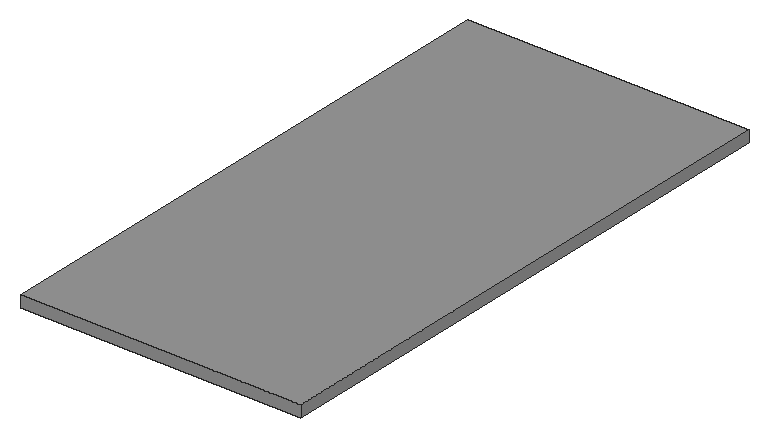
Revit family "CFAB - Ceiling and Wall Panels", category Generic Models, Revit 2016
Family settings
  Part Type = Normal
  Can host rebar = No
  Round Connector Dimension = Use Diameter
  Work Plane-Based = Yes
  Always vertical = No
  Cut with Voids When Loaded = No
  Shared = No
  Room Calculation Point = No
Parameters (values of type "2 INCH - 48X96")
  ‍      2. Thickness 2" = Thickness Options = 2  # yes
  ‍      1. Thickness 1 1/2" = Thickness Options = 1  # no
  ‍      0. Thickness 1" = Thickness Options = 0  # no
  URL = "https://www.acousticalsurfaces.com/cellulose-panel/cellulose-panels.html"
  Thickness Options = 2
  T = if(Thickness Options = 0, 0' 1", 0' 0") + if(Thickness Options = 1, 0' 1 1/2", 0' 0") + if(Thickness Options = 2, 0' 2", 0' 0")  # 0' - 2"
  Material = "CFAB - Cellulose Absorptive Acoustical Panels"
  Manufacturer = "Acoustical Surfaces, Inc."
  Finish = CFAB
  Width = 8' - 0"
  Length = 4' - 0"
  Default Elevation = 4' - 0"
  A = 0' - 0"
Types (15): name | ‍      2. Thickness 2" | ‍      1. Thickness 1 1/2" | ‍      0. Thickness 1" | Thickness Options | T | Width | Length
  2 INCH - 48X96 | yes | no | no | 2 | 0' - 2" | 8' - 0" | 4' - 0"
  1.5 INCH - 48X96 | no | yes | no | 1 | 0' - 1 1/2" | 8' - 0" | 4' - 0"
  1 INCH - 48X96 | no | no | yes | 0 | 0' - 1" | 8' - 0" | 4' - 0"
  2 INCH - 48X48 | yes | no | no | 2 | 0' - 2" | 4' - 0" | 4' - 0"
  1.5 INCH - 48X48 | no | yes | no | 1 | 0' - 1 1/2" | 4' - 0" | 4' - 0"
  1 INCH - 48X48 | no | no | yes | 0 | 0' - 1" | 4' - 0" | 4' - 0"
  2 INCH - 24X24 | yes | no | no | 2 | 0' - 2" | 2' - 0" | 2' - 0"
  1.5 INCH - 24X24 | no | yes | no | 1 | 0' - 1 1/2" | 2' - 0" | 2' - 0"
  1 INCH - 24X24 | no | no | yes | 0 | 0' - 1" | 2' - 0" | 2' - 0"
  2 INCH - 12X12 | yes | no | no | 2 | 0' - 2" | 1' - 0" | 1' - 0"
  1.5 INCH - 12X12 | no | yes | no | 1 | 0' - 1 1/2" | 1' - 0" | 1' - 0"
  1 INCH - 12X12 | no | no | yes | 0 | 0' - 1" | 1' - 0" | 1' - 0"
  2 INCH - 24x48 | yes | no | no | 2 | 0' - 2" | 2' - 0" | 4' - 0"
  1.5 INCH - 24x48 | no | yes | no | 1 | 0' - 1 1/2" | 2' - 0" | 4' - 0"
  1 INCH - 24x48 | no | no | yes | 0 | 0' - 1" | 2' - 0" | 4' - 0"
Reference planes (in)
  plane 1 "Center (Front/Back)": y = 0
  plane 2: z = 0
  plane 3 "Center (Left/Right)": x = 0
Dimensions and locks (in)
  "A": nested 1 to level
  aligned and locked: level to plane 2
Nested families (in)
  nested 1: "Square" at (0, 0, 0), type "Square"
    with Thickness 0' - 2", B 8' - 0"
Definition of nested family "Square"
  Parameters (values of type "Square")
    Thickness = 0' - 1"
    Material = none
    B = 2' - 0"
    A = 4' - 0"
  Reference planes (in)
    plane 1 "Center (Front/Back)": y = 0
    plane 2: z = 0
    plane 3 "Center (Left/Right)": x = 0
    plane 4: x = -24
    plane 5: x = 24
    plane 6: y = 12
    plane 7: y = -12
    plane 8: z = 1
  Forms (in)
    Extrusion 1, solid, material <- "Material"
      sketch origin (0, 0, 0) x (1, 0, 0) y (0, 1, 0)
        loop
          line (24, 12) -> (-24, 12) -> (-24, -12) -> (24, -12) -> (24, 12)
      from 0 to 1
  Dimensions and locks (in)
    equal spacing: plane 4, plane 3 "Center (Left/Right)", plane 5
    equal spacing: plane 7, plane 1 "Center (Front/Back)", plane 6
    "B": plane 7 to plane 6
    "A": plane 4 to plane 5
    "Thickness": plane 8 to level
    aligned and locked: level to plane 2
    aligned and locked: Extrusion 1 sketch curve to plane 4
    aligned and locked: plane 5 to Extrusion 1 sketch curve
    aligned and locked: Extrusion 1 sketch curve to plane 6
    aligned and locked: Extrusion 1 sketch curve to plane 7
    aligned and locked: Extrusion 1 to plane 8
